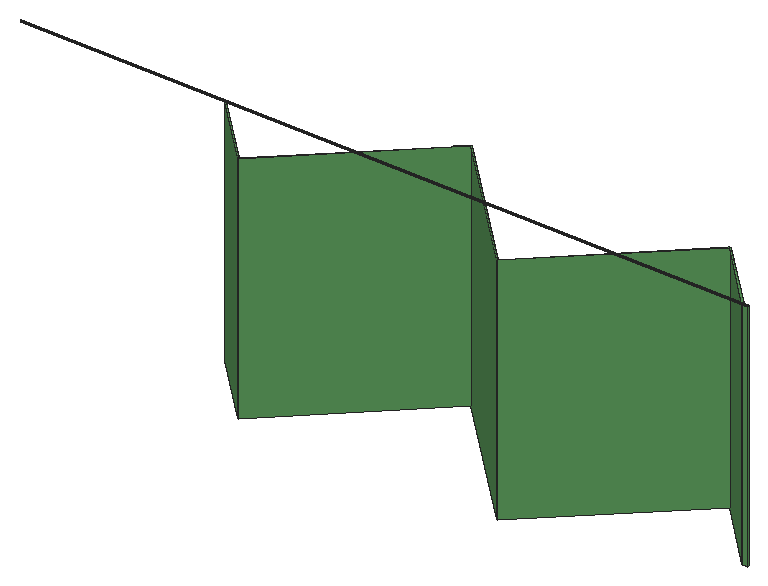
Revit family "Operable-Wall", category Generic Models, Revit 2026
Family settings
  Can host rebar = No
  Round Connector Dimension = Use Diameter
  Part Type = Normal
  Classification Number = 23.25.40.17
  Work Plane-Based = No
  Always vertical = Yes
  Cut with Voids When Loaded = No
  Maintain Annotation Orientation = No
  Shared = No
  Room Calculation Point = No
Parameters (values of type "ByType")
  Wall Finish = ARCAT - Textiles - Marquesa Lana - Green
  Vertical Trim Seals = "Flexible Vinyl"
  Upper Track Material = ARCAT - Metal - Steel - BHMA639 - Dull Bronze
  STC Rating = 39
  Panel Weight - Lb/SqFt = 6.5
  Length = 50' - 0"
  Warranty Duration (Years) = 5
  Test Data = ""
  Specification = "http://www.arcat.com/divs/sec/sec10250.shtml"
  Sales Information = ""
  Product Properties = "http://www.arcat.com/bim/bim_info.pl?fn=Operable-Wall"
  Product Data = "http://www.arcat.com/divs/sec/sec10250.shtml"
  Panel = Length / 4  # 12' - 6"
  Model = "Generic"  # constant formula
  Manufacturer Website = "http://www.arcat.com/"
  Manufacturer Phone - Toll Free = ""
  Manufacturer Phone = "(203) 929-9444"  # constant formula
  Manufacturer Fax = "(203) 939-2444"  # constant formula
  Manufacturer Email = "bim@arcat.com"  # constant formula
  Manufacturer Address = "1077 Bridgeport Ave, Shelton, CT  06484"  # constant formula
  Manufacturer = "Generic"  # constant formula
  Maintenance Schedule (Months) = 6
  Keynote = "10250"
  Installation_Fabricaton = ""
  Installation Phase = ""
  Height = 16' - 0"
  Green Building-LEED = "http://www.arcat.com/green/green_building.shtml"
  First Panel = Panel / 2  # 6' - 3"
  Expected Lifespan (Years) = 20
  End Panel = ARCAT - Textiles - Marquesa Lana - Green
  Drawn By = "Robert S. Weygant. CSI, CDT, SCIP"  # constant formula
  Description = "Operable Partition Wall"
  Depth = 0' - 1"
  Default Elevation = 0' - 0"
  Copyright = "2008, ARCAT, Inc."  # constant formula
  Construction Details = "http://www.arcat.com/divs/sec/sec10250.shtml"
  Carrier System = "Multi-Directional Aluminum Track capable of supporting up to 425 lb. live load per panel\r\n\r\nMulti-Directional Aluminum Track: certified to be capable of supporting up to 425 lb. (193 kg) of total live load weight per panel.\r\n\r\nMulti-Directional Aluminum Track: certified to be capable of supporting up to 425 lb. (193 kg) of total live load weight per panel.\r\n\r\nMulti-Directional Aluminum Track: certified to be capable of supporting up to 425 lb. (193 kg) of total live load weight per panel.\r\n\r\n"
  Building Codes = ""
  Assembly Code = "F1030900"
Reference planes (in)
  plane 1 "Center (Front/Back)": y = 0
  plane 2: z = 0
  plane 3 "Center (Left/Right)": x = 0
  plane 4: x = -300
  plane 5: x = 300
  plane 6: z = 192
Forms (in)
  Extrusion 1, solid, material "ARCAT - Textiles - Marquesa Lana - Green" <- "End Panel"
    sketch origin (0, 0, 0) x (1, 0, 0) y (0, 1, 0)
      loop
        line (300, 0.5) -> (296.06299, 0.5) -> (296.06299, -0.5) -> (300, -0.5) -> (300, 0.5)
    from 0 to 192
  Extrusion 2, solid, material "ARCAT - Metal - Steel - BHMA639 - Dull Bronze" <- "Upper Track Material"
    sketch origin (0, 0, 0) x (1, 0, 0) y (0, 0, 1)
      loop
        line (-300, 192) -> (300, 192) -> (300, 192.59055) -> (-300, 192.59055) -> (-300, 192)
    from -0.5 to 0.5
  Extrusion 3, solid, material "ARCAT - Textiles - Marquesa Lana - Green" <- "Wall Finish"
    sketch origin (0, 0, 0) x (1, 0, 0) y (0, 1, 0)
      loop
        line (296.21332, 0.54403) -> (243.18031, 53.57704) -> (242.47321, 52.86993) -> (295.50622, -0.16308) -> (296.21332, 0.54403)
    from 0 to 192
  Extrusion 4, solid, material "ARCAT - Textiles - Marquesa Lana - Green" <- "Wall Finish"
    sketch origin (0, 0, 0) x (1, 0, 0) y (0, 1, 0)
      loop
        line (242.47321, 52.86993) -> (241.7661, 53.57704) -> (135.70008, -52.48898) -> (136.40719, -53.19608) -> (242.47321, 52.86993)
    from 0 to 192
  Extrusion 5, solid, material "ARCAT - Textiles - Marquesa Lana - Green" <- "Wall Finish"
    sketch origin (0, 0, 0) x (1, 0, 0) y (0, 1, 0)
      loop
        line (135.70008, -52.48898) -> (29.63407, 53.57704) -> (28.92696, 52.86993) -> (134.99298, -53.19608) -> (135.70008, -52.48898)
    from 0 to 192
  Extrusion 6, solid, material "ARCAT - Textiles - Marquesa Lana - Green" <- "Wall Finish"
    sketch origin (0, 0, 0) x (1, 0, 0) y (0, 1, 0)
      loop
        line (28.92696, 52.86993) -> (28.21985, 53.57704) -> (-77.84617, -52.48898) -> (-77.13906, -53.19608) -> (28.92696, 52.86993)
    from 0 to 192
  Extrusion 7, solid, material "ARCAT - Textiles - Marquesa Lana - Green" <- "Wall Finish"
    sketch origin (0, 0, 0) x (1, 0, 0) y (0, 1, 0)
      loop
        line (-77.84617, -52.48898) -> (-130.87917, 0.54403) -> (-131.58628, -0.16308) -> (-78.55327, -53.19608) -> (-77.84617, -52.48898)
    from 0 to 192
Dimensions and locks (in)
  "Height": plane 6 to level
  equal spacing: plane 4, plane 3 "Center (Left/Right)", plane 5
  "Length": plane 4 to plane 5
  "Depth": Extrusion 1 to Extrusion 1
  equal spacing: Extrusion 1, plane 1 "Center (Front/Back)", Extrusion 1
  locked: Extrusion 2 sketch curve to Extrusion 2 sketch curve at 0.59055
  "Depth": Extrusion 3 sketch curve to Extrusion 3 sketch curve
  "First Panel": Extrusion 3 sketch curve to Extrusion 3 sketch curve
  "Depth": Extrusion 4 sketch curve to Extrusion 4 sketch curve
  "Panel": Extrusion 4 sketch curve to Extrusion 4 sketch curve
  "Depth": Extrusion 5 sketch curve to Extrusion 5 sketch curve
  "Depth": Extrusion 6 sketch curve to Extrusion 6 sketch curve
  "Panel": Extrusion 6 sketch curve to Extrusion 6 sketch curve
  "Panel": Extrusion 5 sketch curve to Extrusion 5 sketch curve
  "Depth": Extrusion 7 sketch curve to Extrusion 7 sketch curve
  "First Panel": Extrusion 7 sketch curve to Extrusion 7 sketch curve
  locked: Extrusion 3 sketch curve to Extrusion 1 (angle 45.00°)
  aligned and locked: Extrusion 1 to plane 6
  aligned and locked: Extrusion 2 to Extrusion 1
  aligned and locked: Extrusion 1 to Extrusion 2
  aligned and locked: Extrusion 4 sketch curve to Extrusion 3
  aligned and locked: Extrusion 3 to Extrusion 4 sketch curve
  aligned and locked: Extrusion 5 sketch curve to Extrusion 4  (x2)
  aligned and locked: Extrusion 6 sketch curve to Extrusion 5
  aligned and locked: Extrusion 5 to Extrusion 6 sketch curve
  aligned and locked: Extrusion 7 sketch curve to Extrusion 6  (x2)
  aligned and locked: Extrusion 3 to plane 6
  aligned and locked: Extrusion 4 to plane 6
  aligned and locked: Extrusion 5 to plane 6
  aligned and locked: plane 6 to Extrusion 6
  aligned and locked: plane 6 to Extrusion 7
Automatic sketch dimensions
  Extrusion 1 sketch curve to plane 5 = 0' - 0"
  plane 1 "Center (Front/Back)" to Extrusion 1 sketch curve = 0' - 0 1/2"
  Extrusion 1 sketch curve to plane 5 = 0' - 3.93701"
  Extrusion 1 sketch curve to plane 1 "Center (Front/Back)" = 0' - 0 1/2"
  Extrusion 2 sketch curve to plane 4 = 0' - 0"
  Extrusion 2 sketch curve to plane 5 = 0' - 0"
  plane 6 to Extrusion 2 sketch curve = 0' - 0"
  Extrusion 3 sketch curve to plane 5 = 0' - 4.49378"
  plane 1 "Center (Front/Back)" to Extrusion 3 sketch curve = 0' - 0.16308"
